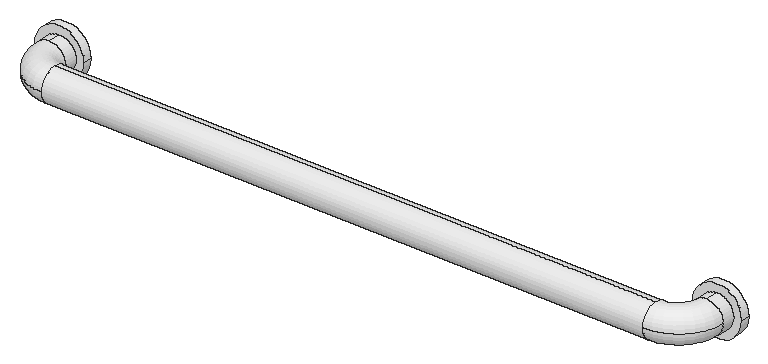
Revit family "barra 80cm", category Furniture, Revit 2016
Family settings
  OmniClass Number = 23.40.20.00
  OmniClass Title = General Furniture and Specialties
  Work Plane-Based = No
  Always vertical = Yes
  Cut with Voids When Loaded = No
  Shared = No
  Room Calculation Point = No
Reference planes (cm)
  plane 1 "Center Front/Back": y = 0
  plane 2: z = 0
  plane 3 "Center Left/Right": x = 0
Forms (cm)
  Extrusion 1, solid, material "Aluminio"
    sketch origin (0, 3.2196, 3.2196) x (1, 0, 0) y (0, 0, 1)
      loop
        circle (-133.1104, 0) r 3
      loop
        circle (-53.1104, 0) r 3
    from 0 to 1
  Extrusion 2, solid, material "Aluminio"
    sketch origin (-129.6711, -1.2196, 3.2196) x (0, 0, 1) y (0, -1, 0)
      loop
        circle (0, 1.5607) r 2
    from 0 to 73.1214
  SweptBlend 3, solid, material "Aluminio"
    path origin (-57.0497, 1.6589, 3.2196) x (0, 1, 0) y (-1, 0, 0)
      loop
        arc (-1, -3.9393) -> (-3.4319, -2.9319) -> (-4.4393, -0.5) r 3.4393
    profile origin (-53.1104, 0.6589, 3.2196) x (1, 0, 0) y (0, 0, 1)
      loop
        circle (0, 0) r 2
    end profile origin (-56.5497, -2.7804, 3.2196) x (0, -1, 0) y (0, 0, 1)
      loop
        circle (0, 0) r 2
  Extrusion 4, solid, material "Aluminio"
    sketch origin (-51.5497, 2.2196, 3.2196) x (0, 0, 1) y (-1, 0, 0)
      loop
        circle (0, 1.5607) r 2
    from 0 to 1.5607
  SweptBlend 5, solid, material "Aluminio"
    path origin (-129.1711, 1.6589, 3.2196) x (0, -1, 0) y (1, 0, 0)
      loop
        arc (1, -3.9393) -> (3.4319, -2.9319) -> (4.4393, -0.5) r 3.4393
    profile origin (-133.1104, 0.6589, 3.2196) x (1, 0, 0) y (0, 0, 1)
      loop
        circle (0, 0) r 2
    end profile origin (-129.6711, -2.7804, 3.2196) x (0, 1, 0) y (0, 0, 1)
      loop
        circle (0, 0) r 2
  Extrusion 6, solid, material "Aluminio"
    sketch origin (-134.6711, 2.2196, 3.2196) x (0, 0, 1) y (-1, 0, 0)
      loop
        circle (0, -1.5607) r 2
    from 0 to 1.5607
Cuts and joins
  joined: Extrusion 2, SweptBlend 3, Extrusion 4, SweptBlend 5, Extrusion 6
Dimensions and locks (cm)
  aligned and locked: level to plane 2
